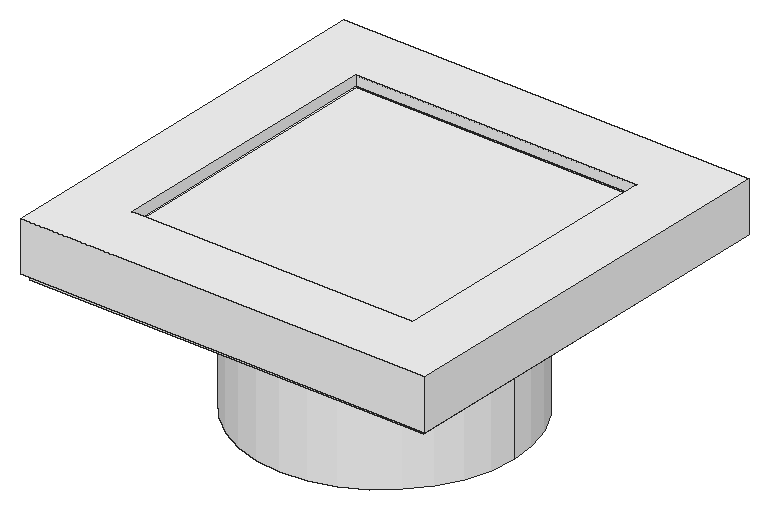
Revit family "Gira_0125005", category Electrical Fixtures, host Face, Revit 2017
Family settings
  Host = Face
  Maintain Annotation Orientation = Yes
  Round Connector Dimension = Use Diameter
  Part Type = Normal
  Cut with Voids When Loaded = No
  Shared = No
  Room Calculation Point = No
Parameters (values of type "Tastschalter Serien System 55 Schwarz m")
  Zusammenstellung = "Basiselement mit zentraler Abdeckplatte"
  White [instance] = White
  Werkstoffgüte = "sonstige"
  Werkstoff = "sonstige"
  Waschmaschinenschalter = "No"
  URL = "http://katalog.gira.de/de_DE/datenblatt.html?artikelnr=0125005"
  Textfeld/Beschriftungsfläche = "nein"
  Tastschalter = "Yes"
  Schaltungsart = "Serienschalter"
  Rückmeldekontakt = "No"
  Region = "DE"
  Oberfläche = "sonstige"
  Nennspannung = "250 Volt"
  Name = "Tastschalter Serien System 55 Schwarz m"
  Montageart = "unter Putz"
  Model = "Sys55_Komplettgerät_Schalten und Tasten"
  Mit Montageplatte = "No"
  Manufacturer URL = "https://www.gira.de/"
  HeinzeBIM = "https://bimportal.heinze.de/bim/tastschalter-serien-system-55-schwarz-m/060bb6d6a651b0364b9c02798b3258384d980ec2"
  Halogenfrei = "No"
  HAN = "0125005"
  Geeignet für Schutzart (IP) = "IP20"
  GTIN = "4010337038016"
  Farbe = "schwarz"
  Default Elevation = 1219.2 mm
  Data sheet (1) = "https://katalog.gira.de/de_DE/download.html?artikelnr=0125005"
  Category = "Installationsschalter"
  Bemessungsstrom = "10 Ampere"
  Beleuchtung = "nein"
  Befestigungsart = "Krallen-/Schraubbefestigung"
  Bedienungsart = "Wippe/Taste"
  Available = "Yes"
  Ausführung der Oberfläche = "matt"
  Anzahl der Module (bei Modulbauweise) = "1 "
  Anzahl der Betätigungswippen = "2 "
  Anschlussart = "Steckklemme"
Reference planes
  plane 1 "Center (Front/Back)": y = 0
  plane 2: z = 0
  plane 3 "Center (Left/Right)": x = 0
Forms (mm)
  Extrusion 1, solid, material "White" <- "White", detail levels medium
    sketch origin (0, 0, 0) x (1, 0, 0) y (0, 1, 0)
      loop
        line (-40.4, 40.4) -> (-40.4, -40.4) -> (40.4, -40.4) -> (40.4, 40.4) -> (-40.4, 40.4)
      loop
        line (-28, 28) -> (-28, -28) -> (28, -28) -> (28, 28) -> (-28, 28)
    from 0 to 10
  Extrusion 2, solid, material "White" <- "White", detail levels fine
    sketch origin (0, 0, 0) x (1, 0, 0) y (0, 1, 0)
      loop
        line (-40.4, 40.4) -> (-40.4, -40.4) -> (40.4, -40.4) -> (40.4, 40.4) -> (-40.4, 40.4)
      loop
        line (-28, 28) -> (-28, -28) -> (28, -28) -> (28, 28) -> (-28, 28)
    from 0 to 10
  Extrusion 3, void
    sketch origin (0, 0, 0) x (1, 0, 0) y (0, 1, 0)
      loop
        line (-38.4, 38.4) -> (-38.4, -38.4) -> (38.4, -38.4) -> (38.4, 38.4) -> (-38.4, 38.4)
    from 0 to 8
  Extrusion 4, solid, material "White" <- "White", detail levels medium+fine
    sketch origin (0, 0, 0) x (1, 0, 0) y (0, 1, 0)
      loop
        line (-39.4, 39.4) -> (-39.4, -39.4) -> (39.4, -39.4) -> (39.4, 39.4) -> (-39.4, 39.4)
    from 0 to -1
  Extrusion 5, solid, material "White" <- "White", detail levels medium+fine
    sketch origin (0, 0, 0) x (1, 0, 0) y (0, 1, 0)
      loop
        line (-35.5, 35.5) -> (-35.5, -35.5) -> (35.5, -35.5) -> (35.5, 35.5) -> (-35.5, 35.5)
    from -2 to -3
  Extrusion 6, solid, material "White" <- "White", detail levels medium+fine
    sketch origin (0, 0, 0) x (1, 0, 0) y (0, 1, 0)
      loop
        circle (0, 0) r 26
    from 0 to -27.5
  Extrusion 7, solid, material "White" <- "White", detail levels coarse
    sketch origin (0, 0, 0) x (1, 0, 0) y (0, 1, 0)
      loop
        line (-40.4, 40.4) -> (-40.4, -40.4) -> (40.4, -40.4) -> (40.4, 40.4) -> (-40.4, 40.4)
    from -27.5 to 10
Cuts and joins
  Extrusion 3 cuts Extrusion 2
Dimensions and locks
  aligned and locked: plane 2 to host face
  aligned and locked: level to host face
  aligned and locked: plane 3 "Center (Left/Right)" to nested 2
  aligned and locked: plane 1 "Center (Front/Back)" to nested 2
Nested families
  nested 1: "Sys55_Abdeckung_Schalten und Tasten_floor_base" at (0, 0, 0), type "Sys55_Abdeckung_Schalten und Tasten_floor_base"
  nested 2: "Schalter" at (0, 0, 0), type "Schalter"
Connectors
  electrical at (0, 0, -27.5)
    settings: on Extrusion 6, index 1, voltage 220 V, apparent load 0 VA, apparent load phase1 0 VA, apparent load phase2 0 VA, apparent load phase3 0 VA, power factor 1, load classification "Other", number of poles 1, system type 30, power factor state 1, is connector primary yes, connector utility no, sub classification motor no, connector description ""
Definition of nested family "Sys55_Abdeckung_Schalten und Tasten_floor_base"
  Parameters
    Default Elevation = 1219.2 mm
    White [instance] = none
  Reference planes
    plane 1 "Center (Front/Back)": y = 0
    plane 2: z = 0
    plane 3 "Center (Left/Right)": x = 0
  Forms (mm)
    Extrusion 1, solid
      sketch origin (0, 0, 0) x (1, 0, 0) y (0, 1, 0)
        loop
          line (-1219.2, 1219.2) -> (-1219.2, -1219.2) -> (1219.2, -1219.2) -> (1219.2, 1219.2) -> (-1219.2, 1219.2)
      from 0 to -304.8
    Extrusion 2, solid, material <- "White", detail levels fine
      sketch origin (0, 0, 0) x (1, 0, 0) y (0, 1, 0)
        loop
          line (-27.5, 27.5) -> (-27.5, -27.5) -> (27.5, -27.5) -> (27.5, 27.5) -> (-27.5, 27.5)
      from 0 to 8
    Extrusion 3, void
      sketch origin (0, 0, 0) x (1, 0, 0) y (0, 1, 0)
        loop
          line (26, 26) -> (-26, 26) -> (-26, -26) -> (26, -26) -> (26, 26)
      from 0 to 6
    Extrusion 4, solid, material <- "White", detail levels medium
      sketch origin (0, 0, 0) x (1, 0, 0) y (0, 1, 0)
        loop
          line (-27.5, 27.5) -> (-27.5, -27.5) -> (27.5, -27.5) -> (27.5, 27.5) -> (-27.5, 27.5)
      from 0 to 8
    Extrusion 5, solid, material <- "White", detail levels medium
      sketch origin (0, 0, 0) x (1, 0, 0) y (0, 1, 0)
        loop
          line (11, -17.5) -> (11, 17.5) -> (-11, 17.5) -> (-11, -17.5) -> (11, -17.5)
      from -6 to 6
    Extrusion 6, solid, material <- "White", detail levels fine
      sketch origin (0, 0, 0) x (1, 0, 0) y (0, 1, 0)
        loop
          line (11, 17.5) -> (-11, 17.5) -> (-11, 16.5) -> (11, 16.5) -> (11, 17.5)
        loop
          line (-11, -16.5) -> (-11, -17.5) -> (11, -17.5) -> (11, -16.5) -> (-11, -16.5)
      from -4 to 6
    Extrusion 7, solid, material <- "White", detail levels fine
      sketch origin (0, 0, 0) x (1, 0, 0) y (0, 1, 0)
        loop
          arc (5, 9.347) -> (0, 10.6) -> (-5, 9.347) r 10.6
          line (-5, 9.347) -> (-5, -9.347)
          arc (-5, -9.347) -> (0, -10.6) -> (5, -9.347) r 10.6
          line (5, -9.347) -> (5, 9.347)
      from -6 to 6
    Extrusion 8, solid, material <- "White", detail levels coarse
      sketch origin (0, 0, 0) x (1, 0, 0) y (0, 1, 0)
        loop
          line (-27.5, 27.5) -> (-27.5, -27.5) -> (27.5, -27.5) -> (27.5, 27.5) -> (-27.5, 27.5)
      from -6 to 8
  Cuts and joins
    Extrusion 3 cuts Extrusion 2
  Dimensions and locks
    aligned and locked: plane 2 to Extrusion 1
    aligned and locked: level to Extrusion 1
Definition of nested family "Schalter"
  Reference planes
    plane 1: y = 0
    plane 2: x = 0
  Lines and regions (mm)
    detail lines
      curve 1: circle (1.375, 2.778, 0) r 0.8 normal (0, 0, 1)
      curve 2: line (1.021, 2.061, 0) -> (0, 0, 0)
      curve 3: line (0, 0, 0) -> (-0.538, 0.266, 0)
  Dimensions and locks
    curve 2 to curve 2 = 2.3 mm
    curve 3 to curve 2 = 0.6 mm
    radius of curve 1 = 0.8 mm
